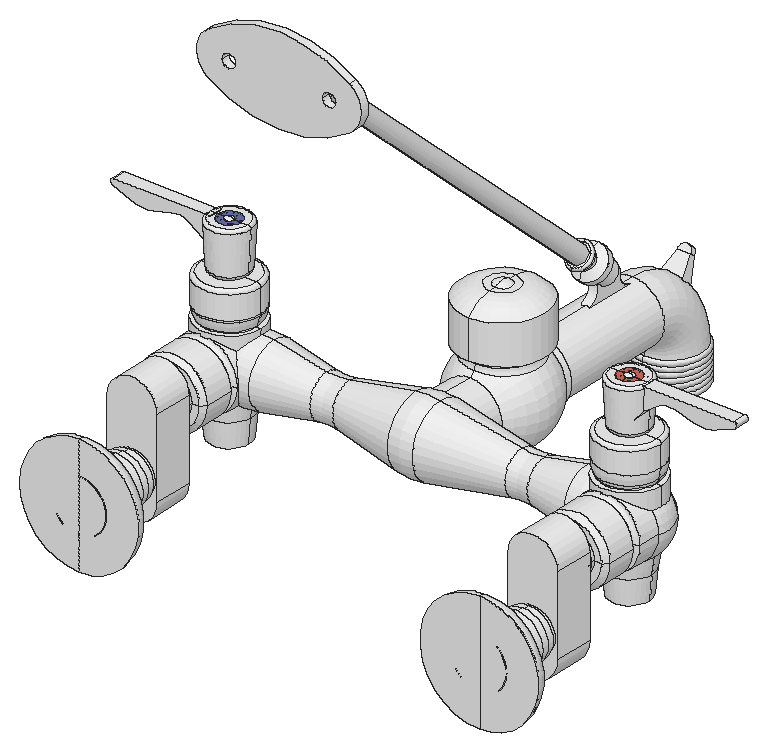
Revit family "Faucet_Utility-Exposed-Wall_Mounted-American_Standard-Yoke-8354112_Series", category Plumbing Fixtures, Revit 2019
Family settings
  Round Connector Dimension = Use Diameter
  Part Type = Normal
  OmniClass Number = 23.45.55.17
  OmniClass Title = Mixing Faucets
  Work Plane-Based = Yes
  Always vertical = Yes
  Cut with Voids When Loaded = No
  Shared = Yes
  Room Calculation Point = No
Parameters (values of type "8354112.002")
  Width = 7 1/4"
  Waste Connection = yes
  WFU = 0
  Vent Connection = no
  URL = "http://www.americanstandard-us.com/"
  Type Comments = ""
  Specification = "Exposed Yoke Wall-Mount Utility Faucet Top brace. 6\" cast brass spout with vacuum breaker. Ceramic disc valves. Integral supply stops. Offset shanks with integral check valves. Vandal-resistant metal lever handles. Bucket hook. 3/4\" threaded hose end. 1/2\" NPT female inlets. Adjustable centers-to-centers: 6\"-10\" (152mm - 254mm)."
  Revised Date = "02/20/2023"  # constant formula
  Product Page URL = "https://www.americanstandard-us.com/Mechanical-Commercial-Fittings/Top-Brace-Wall-Mount-Service-Sink-Faucet-With-6-Inch-Vacuum-Breaker-Spout-and-Offset-Shanks/CHROME-8354112002"
  Product Documentation Link = "https://americanstandard.box.com/shared/static/whxtxbl7bibb05se3zzugc2inycamk3s.pdf"
  Model = "8354112.002"
  Material = "Brass-American Standard-002-Polished Chrome"
  Manufacturer = "American Standard"
  Length = 12 1/2"
  Installation Instruction Link = "https://americanstandard.box.com/shared/static/tocbym87fbm0m9qwc77kupu3ale1i003.pdf"
  Hot Water Connection Diameter = 1/2"
  Height = 2 1/2"
  HWFU = 1.5
  HW Connection = no
  Finish = Brass-American Standard-002-Polished Chrome
  Description = "Top Brace Wall-Mount Service Sink Faucet With 6-Inch Vacuum Breaker Spout and Offset Shanks "  # constant formula
  Default Elevation = 36"
  Cost = 0
  Cold Water Connection Diameter = 1/2"
  CWFU = 1.5
  CW Connection = yes
  Assembly Code = "D2020"
  ADA Compliant = yes
Reference planes (in)
  plane 1: y = 0
  plane 2: z = 0
  plane 3: x = 0
  plane 4: x = -6.25255
  plane 5: x = 6.25255
  plane 6: x = -3.99674
  plane 7: x = 4.00383
  plane 8: z = 39.5
  plane 9: y = 2.28148
  plane 10: y = 3.75
  plane 11: y = 9.75
  plane 12: z = 45.00719
  plane 13: x = -1.00392
  plane 14: x = 1.00392
  plane 15: z = 45.02729
  plane 16: z = 37.18712
  plane 17: z = 34.81288
  plane 18: z = 36
  plane 19: y = 4.48426
  plane 20: through (1.2, 10.18355, 37.45622) normal (0, 0.6362, 0.7715)
Forms (in)
  Revolve 1, solid, material "Brass-American Standard-002-Polished Chrome" <- "Finish"
    sketch origin (0, 4.66152, 37) x (0, -1, 0) y (0, 0, 1)
      loop
        line (0.90836, 0.62531) -> (-0.11366, 0.59355)
        arc (-0.11366, 0.59355) -> (-0.87906, 0.94049) -> (-1.66251, 0.63651) r 1.08453
        line (-1.66251, 0.63651) -> (-1.79833, 0.63651) -> (-1.79833, -0.0278) -> (0.90836, -0.0278) -> (0.90836, 0.62531)
      axis (0.90836, -0.0278) -> (-1.79833, -0.0278)
    angle from 0 to 360
  Revolve 2, solid, material "Brass-American Standard-002-Polished Chrome"
    sketch origin (0, 4.66152, 37) x (0, -1, 0) y (0, 0, 1)
      loop
        line (-0.92167, 0.66521) -> (-0.20922, 0.66521)
        arc (-0.20922, 0.66521) -> (-0.22921, 0.72968) -> (-0.23596, 0.79685) r 0.33733
        line (-0.23596, 0.79685) -> (-0.23596, 0.90895) -> (-0.07061, 0.90895) -> (-0.07061, 1.69482)
        arc (-0.07061, 1.69482) -> (-0.31018, 1.87257) -> (-0.60176, 1.93557) r 0.70628
        line (-0.60176, 1.93557) -> (-0.749, 1.93557)
        arc (-0.749, 1.93557) -> (-0.82908, 1.9822) -> (-0.92167, 1.98598) r 0.19236
        line (-0.92167, 1.98598) -> (-0.92167, 0.66521)
      axis (-0.92167, 0.66521) -> (-0.92167, 1.98598)
    angle from 0 to 360
  Sweep 3, solid, material "Brass-American Standard-002-Polished Chrome" <- "Finish"
    path origin (0, 4.66152, 37) x (0, -1, 0) y (0, 0, 1)
      loop
        arc (-5.08848, -0.92572) -> (-4.81734, -0.27114) -> (-4.16276, 0) r 0.92572
        line (-4.16276, 0) -> (-1.18805, 0)
    profile origin (0, 9.47886, 36.72886) x (0, 0.707107, 0.707107) y (-1, 0, 0)
      loop
        circle (0, 0) r 0.625
  Revolve 4, solid, material "Brass-American Standard-002-Polished Chrome" <- "Finish"
    sketch origin (0.00355, 3.75, 37) x (-1, 0, 0) y (0, 0, 1)
      loop
        line (4.00029, 0.73723) -> (4.00029, -1.40524) -> (4.3937, -1.40524) -> (4.43637, -0.91754)
        arc (4.43637, -0.91754) -> (4.49544, -0.53004) -> (4.60348, -0.15324) r 3.06453
        arc (4.60348, -0.15324) -> (4.6262, -0.06695) -> (4.63385, 0.02195) r 0.52055
        line (4.63385, 0.02195) -> (4.63385, 0.73723) -> (4.00029, 0.73723)
      axis (4.00029, -1.40524) -> (4.00029, 0.73723)
    angle from 0 to 360
  Revolve 5, solid, material "Brass-American Standard-002-Polished Chrome" <- "Finish"
    sketch origin (0.00355, 3.75903, 37) x (-1, 0, 0) y (0, 0, 1)
      loop
        line (4, 0) -> (-4, 0) -> (-4, -0.58446) -> (-3.67072, -0.63074)
        arc (-3.67072, -0.63074) -> (-3.41516, -0.6446) -> (-3.16097, -0.61483) r 1.5
        line (-3.16097, -0.61483) -> (-2.28661, -0.43574)
        arc (-2.28661, -0.43574) -> (-2.05929, -0.41112) -> (-1.83137, -0.42948) r 1.21622
        line (-1.83137, -0.42948) -> (-0.21771, -0.71401)
        arc (-0.21771, -0.71401) -> (0.02968, -0.73394) -> (0.27643, -0.70722) r 1.32015
        line (0.27643, -0.70722) -> (1.60186, -0.43574)
        arc (1.60186, -0.43574) -> (1.83031, -0.4111) -> (2.05931, -0.42987) r 1.21622
        line (2.05931, -0.42987) -> (3.12226, -0.61932)
        arc (3.12226, -0.61932) -> (3.41909, -0.64687) -> (3.71635, -0.62453) r 1.78074
        line (3.71635, -0.62453) -> (4, -0.57963) -> (4, 0)
      axis (4, 0) -> (-4, 0)
    angle from 0 to 360
  Revolve 6, solid, material "Brass-American Standard-002-Polished Chrome" <- "Finish"
    sketch origin (-6.49027, 5.1864, 36.97536) x (0, -1, 0) y (1, 0, 0)
      loop
        line (2.06401, 3.16299) -> (1.63726, 3.18163)
        arc (1.63726, 3.18163) -> (1.31667, 3.19809) -> (1.02048, 3.07431) r 0.72394
        arc (1.02048, 3.07431) -> (0.78556, 2.81115) -> (0.68688, 2.47249) r 0.79886
        line (0.68688, 2.47249) -> (3.07306, 2.47249) -> (3.07306, 2.9464)
        arc (3.07306, 2.9464) -> (3.02808, 2.92214) -> (2.97767, 2.91376) r 0.15574
        line (2.97767, 2.91376) -> (2.90378, 2.91376) -> (2.90378, 3.06262) -> (2.80682, 3.15958) -> (2.2447, 3.15958) -> (2.2447, 3.07041) -> (2.15659, 3.07041)
        arc (2.15659, 3.07041) -> (2.09112, 3.09753) -> (2.06401, 3.16299) r 0.09258
      axis (3.07306, 2.47249) -> (0.68688, 2.47249)
    angle from 0 to 360
  Extrusion 7, solid, material "Brass-American Standard-002-Polished Chrome"
    sketch origin (0.00355, 1.96875, 36.75195) x (1, 0, 0) y (0, 0, -1)
      loop
        line (-4.27682, -2.74805) -> (-4.00029, -2.47151) -> (-4.00029, -2.06614) -> (-4.20713, -2.06614)
        arc (-4.20713, -2.06614) -> (-4.42681, -2.30947) -> (-4.69177, -2.50251) r 1.58784
        arc (-4.69177, -2.50251) -> (-4.85758, -2.55932) -> (-5.03251, -2.54843) r 0.44974
        line (-5.03251, -2.54843) -> (-5.40511, -2.45001)
        arc (-5.40511, -2.45001) -> (-5.63619, -2.42824) -> (-5.86193, -2.48219) r 0.70957
        line (-5.86193, -2.48219) -> (-6.21706, -2.63188)
        arc (-6.21706, -2.63188) -> (-6.25589, -2.69843) -> (-6.19694, -2.74805) r 0.05983
        line (-6.19694, -2.74805) -> (-4.27682, -2.74805)
      loop
        arc (4.11544, -2.6111) -> (4.18786, -2.67563) -> (4.25239, -2.74805) r 0.84304
        line (4.25239, -2.74805) -> (6.18985, -2.74805)
        arc (6.18985, -2.74805) -> (6.2488, -2.69843) -> (6.20996, -2.63188) r 0.05983
        line (6.20996, -2.63188) -> (5.85484, -2.48219)
        arc (5.85484, -2.48219) -> (5.6291, -2.42824) -> (5.39802, -2.45001) r 0.70957
        line (5.39802, -2.45001) -> (5.02542, -2.54843)
        arc (5.02542, -2.54843) -> (4.85048, -2.55932) -> (4.68468, -2.50251) r 0.44974
        arc (4.68468, -2.50251) -> (4.41971, -2.30947) -> (4.20004, -2.06614) r 1.58784
        line (4.20004, -2.06614) -> (4.11544, -2.06614) -> (4.11544, -2.6111)
    from 1.63852 to 1.91179
  Revolve 8, solid, material "Brass-American Standard-002-Polished Chrome"
    sketch origin (0.00355, 3.75, 36.75195) x (-1, 0, 0) y (0, 0, 1)
      loop
        line (4.00029, 2.77139) -> (4.00029, 0.98527) -> (4.53283, 0.98527) -> (4.53283, 1.02458) -> (4.56358, 1.02458)
        arc (4.56358, 1.02458) -> (4.59613, 1.11809) -> (4.61706, 1.21487) r 0.81277
        arc (4.61706, 1.21487) -> (4.61913, 1.23293) -> (4.61982, 1.2511) r 0.23916
        line (4.61982, 1.2511) -> (4.61982, 1.72216)
        arc (4.61982, 1.72216) -> (4.59948, 1.77127) -> (4.55037, 1.79162) r 0.06945
        line (4.55037, 1.79162) -> (4.23867, 1.79162) -> (4.23867, 1.83248) -> (4.31639, 1.83248)
        arc (4.31639, 1.83248) -> (4.36007, 1.84991) -> (4.37975, 1.89261) r 0.06344
        line (4.37975, 1.89261) -> (4.42156, 2.69036)
        arc (4.42156, 2.69036) -> (4.40738, 2.73088) -> (4.36804, 2.74805) r 0.05367
        line (4.36804, 2.74805) -> (4.22514, 2.74805)
        arc (4.22514, 2.74805) -> (4.16071, 2.73624) -> (4.09536, 2.74064) r 0.26435
        arc (4.09536, 2.74064) -> (4.05062, 2.76465) -> (4.00029, 2.77139) r 0.14205
      axis (4.00029, 0.98527) -> (4.00029, 2.77139)
    angle from 0 to 360
  Revolve 9, solid, material "Brass-American Standard-002-Polished Chrome"
    sketch origin (0, 13.48418, 37.0264) x (0, 1, 0) y (0, 0, -1)
      loop
        line (-3.73418, 1.66027) -> (-4.35918, 1.66027)
        arc (-4.35918, 1.66027) -> (-4.40974, 1.60972) -> (-4.35918, 1.55916) r 0.05056
        arc (-4.35918, 1.55916) -> (-4.40974, 1.5086) -> (-4.35918, 1.45805) r 0.05056
        arc (-4.35918, 1.45805) -> (-4.40974, 1.40749) -> (-4.35918, 1.35693) r 0.05056
        arc (-4.35918, 1.35693) -> (-4.40974, 1.30638) -> (-4.35918, 1.25582) r 0.05056
        arc (-4.35918, 1.25582) -> (-4.40974, 1.20526) -> (-4.35918, 1.15471) r 0.05056
        arc (-4.35918, 1.15471) -> (-4.40974, 1.10415) -> (-4.35918, 1.05359) r 0.05056
        arc (-4.35918, 1.05359) -> (-4.40974, 1.00304) -> (-4.35918, 0.95248) r 0.05056
        line (-4.35918, 0.95248) -> (-3.73418, 0.95248) -> (-3.73418, 1.66027)
      axis (-3.73418, 0.95248) -> (-3.73418, 1.66027)
    angle from 0 to 360
  Revolve 10, solid, material "Brass-American Standard-002-Polished Chrome" <- "Finish"
    sketch origin (-0.00355, 3.75, 37) x (1, 0, 0) y (0, 0, -1)
      loop
        line (4.00029, -0.73723) -> (4.63385, -0.73723) -> (4.63385, -0.25289)
        arc (4.63385, -0.25289) -> (4.61692, -0.01335) -> (4.56647, 0.22141) r 1.70298
        arc (4.56647, 0.22141) -> (4.48444, 0.5663) -> (4.43637, 0.91754) r 3.63781
        line (4.43637, 0.91754) -> (4.3937, 1.40524) -> (4.00029, 1.40524) -> (4.00029, -0.73723)
      axis (4.00029, 1.40524) -> (4.00029, -0.73723)
    angle from 0 to 360
  Revolve 11, solid, material "Brass-American Standard-002-Polished Chrome"
    sketch origin (-0.00355, 3.75, 36.75195) x (1, 0, 0) y (0, 0, -1)
      loop
        arc (4.00029, -2.77165) -> (4.05062, -2.76491) -> (4.09536, -2.7409) r 0.14205
        arc (4.09536, -2.7409) -> (4.16071, -2.7365) -> (4.22514, -2.74831) r 0.26435
        line (4.22514, -2.74831) -> (4.36804, -2.74831)
        arc (4.36804, -2.74831) -> (4.40697, -2.73158) -> (4.42164, -2.69183) r 0.05367
        line (4.42164, -2.69183) -> (4.37975, -1.89261)
        arc (4.37975, -1.89261) -> (4.36007, -1.84991) -> (4.31639, -1.83248) r 0.06344
        line (4.31639, -1.83248) -> (4.23867, -1.83248) -> (4.23867, -1.79162) -> (4.55037, -1.79162)
        arc (4.55037, -1.79162) -> (4.59948, -1.77127) -> (4.61982, -1.72216) r 0.06945
        line (4.61982, -1.72216) -> (4.61982, -1.29584)
        arc (4.61982, -1.29584) -> (4.61165, -1.19108) -> (4.58732, -1.08886) r 0.67524
        arc (4.58732, -1.08886) -> (4.57613, -1.05647) -> (4.56358, -1.02458) r 0.81277
        line (4.56358, -1.02458) -> (4.53283, -1.02458) -> (4.53283, -0.98527) -> (4.00029, -0.98527) -> (4.00029, -2.77165)
      axis (4.00029, -0.98527) -> (4.00029, -2.77165)
    angle from 0 to 360
  Blend 12, solid, material "Brass-American Standard-002-Polished Chrome" <- "Finish"
    base sketch origin (0, 4.56609, 41.27928) x (1, 0, 0) y (0, 0.771518, -0.636208)
      loop
        line (-0.25942, 6.8798) -> (-0.25942, 6.56403) -> (0.27925, 6.56403) -> (0.27925, 6.8798) -> (-0.25942, 6.8798)
    top sketch origin (0, 4.56609, 41.27928) x (1, 0, 0) y (0, 0.771518, -0.636208)
      loop
        line (-0.13783, 6.76623) -> (-0.13783, 6.67017) -> (0.14137, 6.67017) -> (0.14137, 6.76623) -> (-0.13783, 6.76623)
    from 0 to 0.62431
  Revolve 13, solid, material "Brass-American Standard-002-Polished Chrome"
    sketch origin (-3.99674, 3.21788, 36) x (0, -1, 0) y (0, 0, 1)
      loop
        line (3.21788, 0) -> (3.21788, 1.18712)
        arc (3.21788, 1.18712) -> (3.08195, 1.1597) -> (2.96877, 1.07958) r 0.33496
        arc (2.96877, 1.07958) -> (2.83501, 0.87108) -> (2.78124, 0.62928) r 0.70809
        line (2.78124, 0.62928) -> (2.78124, 0) -> (3.21788, 0)
      axis (3.21788, 0) -> (2.78124, 0)
    angle from 0 to 360
  Revolve 14, solid, material "Brass-American Standard-002-Polished Chrome"
    sketch origin (-3.99674, 8.1975, 37) x (0, 1, 0) y (0, 0, -1)
      loop
        line (-6.95661, 0.52609) -> (-6.95661, 0.55726) -> (-6.86723, 0.55726) -> (-6.86723, 1) -> (-8.1975, 1) -> (-8.1975, 0.46238) -> (-7.28968, 0.46238) -> (-7.28968, 0.49336) -> (-7.11986, 0.49336) -> (-7.11986, 0.52609) -> (-6.95661, 0.52609)
      axis (-6.86723, 1) -> (-8.1975, 1)
    angle from 0 to 360
  Revolve 15, solid, material "Brass-American Standard-002-Polished Chrome" <- "Finish"
    sketch origin (6.49027, 5.1864, 36.97536) x (0, -1, 0) y (1, 0, 0)
      loop
        arc (2.06401, -3.16299) -> (2.09112, -3.09753) -> (2.15659, -3.07041) r 0.09258
        line (2.15659, -3.07041) -> (2.2447, -3.07041) -> (2.2447, -3.15958) -> (2.80682, -3.15958) -> (2.90378, -3.06262) -> (2.90378, -2.91376) -> (2.97767, -2.91376)
        arc (2.97767, -2.91376) -> (3.02808, -2.92214) -> (3.07306, -2.9464) r 0.15574
        line (3.07306, -2.9464) -> (3.07306, -2.47249) -> (0.68688, -2.47249)
        arc (0.68688, -2.47249) -> (0.78556, -2.81115) -> (1.02048, -3.07431) r 0.79886
        arc (1.02048, -3.07431) -> (1.31667, -3.19809) -> (1.63726, -3.18163) r 0.72394
        line (1.63726, -3.18163) -> (2.06401, -3.16299)
      axis (3.07306, -2.47249) -> (0.68688, -2.47249)
    angle from 0 to 360
  Revolve 16, solid, material "Brass-American Standard-002-Polished Chrome"
    sketch origin (3.99674, 3.21788, 36) x (0, -1, 0) y (0, 0, -1)
      loop
        line (3.21788, 0) -> (2.78124, 0) -> (2.78124, -0.62928)
        arc (2.78124, -0.62928) -> (2.83501, -0.87108) -> (2.96877, -1.07958) r 0.70809
        arc (2.96877, -1.07958) -> (3.08195, -1.1597) -> (3.21788, -1.18712) r 0.33496
        line (3.21788, -1.18712) -> (3.21788, 0)
      axis (3.21788, 0) -> (2.78124, 0)
    angle from 0 to 360
  Revolve 17, solid, material "Brass-American Standard-002-Polished Chrome"
    sketch origin (3.99674, 8.1975, 37) x (0, 1, 0) y (0, 0, 1)
      loop
        line (-6.95661, -0.52609) -> (-7.11986, -0.52609) -> (-7.11986, -0.49336) -> (-7.28968, -0.49336) -> (-7.28968, -0.46238) -> (-8.1975, -0.46238) -> (-8.1975, -1) -> (-6.86723, -1) -> (-6.86723, -0.55726) -> (-6.95661, -0.55726) -> (-6.95661, -0.52609)
      axis (-6.86723, -1) -> (-8.1975, -1)
    angle from 0 to 360
  Extrusion 18, solid, material "Brass-American Standard-002-Polished Chrome"
    sketch origin (1.84924, 7.43437, 37) x (1, 0, 0) y (0, 0, 1)
      loop
        arc (2.65459, 0.21497) -> (2.15459, 0.71497) -> (1.65459, 0.21497) r 0.5
        line (1.65459, 0.21497) -> (1.65459, -1.36245)
        arc (1.65459, -1.36245) -> (2.15459, -1.86245) -> (2.65459, -1.36245) r 0.5
        line (2.65459, -1.36245) -> (2.65459, 0.21497)
    from 5.32103 to 6.1041
  Extrusion 19, solid, material "Brass-American Standard-002-Polished Chrome"
    sketch origin (-1.84924, 7.43437, 37) x (-1, 0, 0) y (0, 0, -1)
      loop
        line (2.65459, -0.21497) -> (2.65459, 1.36245)
        arc (2.65459, 1.36245) -> (2.15459, 1.86245) -> (1.65459, 1.36245) r 0.5
        line (1.65459, 1.36245) -> (1.65459, -0.21497)
        arc (1.65459, -0.21497) -> (2.15459, -0.71497) -> (2.65459, -0.21497) r 0.5
    from 5.32103 to 6.1041
  Revolve 20, solid, material "Brass-American Standard-002-Polished Chrome"
    sketch origin (0, 4.58087, 36.37865) x (0, 0, -1) y (0, 1, 0)
      loop
        line (-2.37522, 3.00323) -> (-8.20787, -3.39964) -> (-8.25547, -3.35629)
        arc (-8.25547, -3.35629) -> (-8.3014, -3.35843) -> (-8.29926, -3.40436) r 0.03251
        line (-8.29926, -3.40436) -> (-8.28478, -3.44209) -> (-8.34785, -3.51132) -> (-8.35094, -3.5467) -> (-8.40413, -3.5999) -> (-8.59056, -3.56027) -> (-8.67804, -3.64774) -> (-8.62437, -3.70141) -> (-8.79862, -3.8927)
        arc (-8.79862, -3.8927) -> (-8.84307, -3.98417) -> (-8.83081, -4.08512) r 0.1799
        arc (-8.83081, -4.08512) -> (-8.78473, -4.16367) -> (-8.72086, -4.22859) r 0.37028
        line (-8.72086, -4.22859) -> (-1.52211, 3.67394)
        arc (-1.52211, 3.67394) -> (-1.60237, 3.72287) -> (-1.69635, 3.7253) r 0.18224
        line (-1.69635, 3.7253) -> (-1.73475, 3.70313)
        arc (-1.73475, 3.70313) -> (-1.7771, 3.70663) -> (-1.81955, 3.70463) r 0.32841
        line (-1.81955, 3.70463) -> (-2.08385, 3.41449) -> (-2.15603, 3.48668) -> (-2.24414, 3.38995) -> (-2.18143, 3.20782) -> (-2.23412, 3.15513) -> (-2.26947, 3.14566) -> (-2.32451, 3.08524) -> (-2.3767, 3.08524)
        arc (-2.3767, 3.08524) -> (-2.42156, 3.07735) -> (-2.40639, 3.0344) r 0.02984
        line (-2.40639, 3.0344) -> (-2.37522, 3.00323)
      axis (-1.52211, 3.67394) -> (-8.72086, -4.22859)
    angle from 0 to 360
  Extrusion 21, solid, material "Brass-American Standard-002-Polished Chrome" <- "Finish"
    sketch origin (-3.98774, 4.58087, 36.37865) x (0, 0, -1) y (0, 1, 0)
      loop
        arc (-1.23621, 4.06323) -> (-1.3375, 3.86471) -> (-1.54981, 3.79691) r 0.28964
        arc (-1.54981, 3.79691) -> (-1.83812, 3.52955) -> (-1.5443, 3.26827) r 0.26556
        arc (-1.5443, 3.26827) -> (-1.35319, 3.22145) -> (-1.23621, 3.06323) r 0.28935
        line (-1.23621, 3.06323) -> (-1.23621, 4.06323)
    from 3.89925 to 4.0775
  Extrusion 22, solid, material "Brass-American Standard-002-Polished Chrome"
    sketch origin (-5.78035, 0, 35.85969) x (1, 0, 0) y (0, 0, 1)
      loop
        circle (4.77644, 9.14751) r 0.13678
      loop
        circle (6.78427, 9.14751) r 0.13678
      loop
        arc (7.19064, 9.58828) -> (5.78035, 10.02127) -> (4.37007, 9.58828) r 2.51317
        arc (4.37007, 9.58828) -> (4.13637, 9.1676) -> (4.33644, 8.72994) r 0.53347
        arc (4.33644, 8.72994) -> (5.75993, 8.27382) -> (7.19064, 8.70674) r 2.51317
        arc (7.19064, 8.70674) -> (7.42433, 9.14751) -> (7.19064, 9.58828) r 0.53252
    from -0.15652 to 0
  Extrusion 23, solid, material "Brass-American Standard-002-Polished Chrome"
    sketch origin (-3.98774, 4.58087, 36.39984) x (0, 0, -1) y (0, 1, 0)
      loop
        line (-8.89263, -4.42434) -> (-8.36228, -4.42434)
        arc (-8.36228, -4.42434) -> (-8.3998, -4.4088) -> (-8.41534, -4.37128) r 0.05306
        line (-8.41534, -4.37128) -> (-8.41534, -4.10937)
        arc (-8.41534, -4.10937) -> (-8.62746, -3.89725) -> (-8.83957, -4.10937) r 0.21211
        line (-8.83957, -4.10937) -> (-8.83957, -4.37128)
        arc (-8.83957, -4.37128) -> (-8.85511, -4.4088) -> (-8.89263, -4.42434) r 0.05306
      loop
        circle (-8.62746, -4.10937) r 0.07421
    from 3.83392 to 4.15621
  Revolve 24, solid, material "Plastic-American Standard-Red-Matte"
    sketch origin (0.00393, 3.74917, 36.75195) x (1, 0, 0) y (0, 0, -1)
      loop
        arc (4.21804, -2.74831) -> (4.10562, -2.72721) -> (3.99319, -2.74831) r 0.31006
        arc (3.99319, -2.74831) -> (4.10562, -2.74399) -> (4.21804, -2.74831) r 1.46704
      axis (3.99319, -2.74831) -> (3.99319, -2.78768)
    angle from 0 to 360
  Revolve 25, solid, material "Plastic-American Standard-Blue-Matte"
    sketch origin (-0.00393, 3.74917, 36.75195) x (-1, 0, 0) y (0, 0, 1)
      loop
        arc (4.21804, 2.74831) -> (4.10562, 2.74399) -> (3.99319, 2.74831) r 1.46704
        arc (3.99319, 2.74831) -> (4.10562, 2.72721) -> (4.21804, 2.74831) r 0.31006
      axis (3.99319, 2.74831) -> (3.99319, 2.78768)
    angle from 0 to 360
  Extrusion 26, solid, material "Brass-American Standard-002-Polished Chrome" <- "Finish"
    sketch origin (1.2, 10.07493, 37.55457) x (0, -0.636208, -0.771518) y (-1, 0, 0)
      loop
        line (0.00677, 1.0588) -> (0.00677, 1.33767)
        arc (0.00677, 1.33767) -> (-0.13267, 1.19823) -> (0.00677, 1.0588) r 0.13944
    from 0.05019 to 0.14651
Cuts and joins
  joined: Blend 12, Extrusion 26
Lines and regions (in)
  Masking region 1
    outline origin (0, 0.5, 0) x (1, 0, 0) y (0, 1, 0)
      loop
        arc (-2.80962, -0.5) -> (-2.86986, -0.31041) -> (-3.01444, -0.17375) r 0.39745
        arc (-3.01444, -0.17375) -> (-3.18252, -0.0916) -> (-3.36746, -0.06336) r 0.61968
        line (-3.36746, -0.06336) -> (-3.45912, -0.06336) -> (-3.45912, 0.40782) -> (-3.49009, 0.40782) -> (-3.49009, 0.57764) -> (-3.52283, 0.57764) -> (-3.52283, 0.74088) -> (-3.554, 0.74088) -> (-3.554, 0.83027) -> (-3.5012, 0.83027) -> (-3.5012, 1.61225)
        arc (-3.5012, 1.61225) -> (-3.52397, 1.65296) -> (-3.53465, 1.69836) r 0.16766
        line (-3.53465, 1.69836) -> (-3.53465, 1.78262) -> (-3.42753, 1.78262) -> (-3.33057, 1.87958) -> (-3.33057, 2.4417) -> (-3.41975, 2.4417) -> (-3.41975, 2.54606)
        arc (-3.41975, 2.54606) -> (-3.39879, 2.58842) -> (-3.36026, 2.61582) r 0.0968
        arc (-3.36026, 2.61582) -> (-3.29987, 2.6162) -> (-3.24002, 2.62422) r 0.47577
        arc (-3.24002, 2.62422) -> (-2.62538, 2.72588) -> (-2.01205, 2.83514) r 50.34595
        arc (-2.01205, 2.83514) -> (-1.8388, 2.84716) -> (-1.66555, 2.83514) r 1.25377
        arc (-1.66555, 2.83514) -> (-0.92233, 2.68533) -> (-0.17967, 2.5328) r 206.04554
        line (-0.17967, 2.5328) -> (-0.17967, 0.68618)
        arc (-0.17967, 0.68618) -> (-0.27083, 0.58586) -> (-0.24883, 0.4521) r 0.15573
        arc (-0.24883, 0.4521) -> (-0.32105, 0.38517) -> (-0.35404, 0.29241) r 0.20638
        line (-0.35404, 0.29241) -> (-0.35896, 0.1984)
        arc (-0.35896, 0.1984) -> (-0.34144, 0.11093) -> (-0.28413, 0.04257) r 0.18027
        line (-0.28413, 0.04257) -> (-0.28413, -0.07936)
        arc (-0.28413, -0.07936) -> (-0.24136, -0.17336) -> (-0.15382, -0.22816) r 0.17922
        line (-0.15382, -0.22816) -> (-0.15382, -0.34348) -> (-1.64439, -0.34348) -> (-1.64439, -0.5) -> (1.64398, -0.5) -> (1.64398, -0.34348) -> (0.16847, -0.34348) -> (0.16847, -0.22332)
        arc (0.16847, -0.22332) -> (0.24603, -0.1673) -> (0.28371, -0.07936) r 0.17922
        line (0.28371, -0.07936) -> (0.28371, 0.04257)
        arc (0.28371, 0.04257) -> (0.34103, 0.11093) -> (0.35855, 0.1984) r 0.18027
        line (0.35855, 0.1984) -> (0.35362, 0.29241)
        arc (0.35362, 0.29241) -> (0.32063, 0.38517) -> (0.24842, 0.4521) r 0.20638
        arc (0.24842, 0.4521) -> (0.27042, 0.58586) -> (0.17926, 0.68618) r 0.15573
        line (0.17926, 0.68618) -> (0.17926, 2.53761) -> (1.76005, 2.81635)
        arc (1.76005, 2.81635) -> (2.04933, 2.84723) -> (2.33861, 2.81635) r 1.37043
        line (2.33861, 2.81635) -> (3.07105, 2.66296)
        arc (3.07105, 2.66296) -> (3.19824, 2.63721) -> (3.32716, 2.62239) r 1.52263
        arc (3.32716, 2.62239) -> (3.38671, 2.6003) -> (3.41975, 2.54606) r 0.0968
        line (3.41975, 2.54606) -> (3.41975, 2.4417) -> (3.33057, 2.4417) -> (3.33057, 1.87958) -> (3.42753, 1.78262) -> (3.53465, 1.78262) -> (3.53465, 1.69836)
        arc (3.53465, 1.69836) -> (3.52397, 1.65296) -> (3.5012, 1.61225) r 0.16766
        line (3.5012, 1.61225) -> (3.5012, 0.83027) -> (3.554, 0.83027) -> (3.554, 0.74088) -> (3.52283, 0.74088) -> (3.52283, 0.57764) -> (3.49009, 0.57764) -> (3.49009, 0.40782) -> (3.45912, 0.40782) -> (3.45912, -0.06336) -> (3.36746, -0.06336)
        arc (3.36746, -0.06336) -> (3.18252, -0.0916) -> (3.01444, -0.17375) r 0.61968
        arc (3.01444, -0.17375) -> (2.86986, -0.31041) -> (2.80962, -0.5) r 0.39745
        line (2.80962, -0.5) -> (5.18386, -0.5)
        arc (5.18386, -0.5) -> (5.12361, -0.31041) -> (4.97904, -0.17375) r 0.39745
        arc (4.97904, -0.17375) -> (4.81096, -0.0916) -> (4.62602, -0.06336) r 0.61968
        line (4.62602, -0.06336) -> (4.53436, -0.06336) -> (4.53436, 0.40782) -> (4.50338, 0.40782) -> (4.50338, 0.57764) -> (4.47065, 0.57764) -> (4.47065, 0.74088) -> (4.43948, 0.74088) -> (4.43948, 0.83027) -> (4.5012, 0.83027) -> (4.5012, 1.61334)
        arc (4.5012, 1.61334) -> (4.47017, 1.65091) -> (4.45905, 1.69836) r 0.10684
        line (4.45905, 1.69836) -> (4.45905, 1.78262) -> (4.60791, 1.78262) -> (4.70487, 1.87958) -> (4.70487, 2.4417) -> (4.6157, 2.4417) -> (4.6157, 2.54606)
        arc (4.6157, 2.54606) -> (4.64874, 2.6003) -> (4.70829, 2.62239) r 0.0968
        line (4.70829, 2.62239) -> (4.72692, 3.04914) -> (4.74034, 3.10727) -> (6.25322, 3.10727) -> (6.25322, 3.38054) -> (4.74102, 3.38054)
        arc (4.74102, 3.38054) -> (4.32806, 3.93066) -> (3.64119, 3.8934) r 0.73009
        arc (3.64119, 3.8934) -> (3.40189, 3.90337) -> (3.16412, 3.87454) r 1.47751
        line (3.16412, 3.87454) -> (2.32042, 3.70193)
        arc (2.32042, 3.70193) -> (2.04732, 3.67209) -> (1.77422, 3.70193) r 1.26452
        line (1.77422, 3.70193) -> (0.63331, 3.9031) -> (0.62135, 4.27518)
        arc (0.62135, 4.27518) -> (0.9677, 5.06721) -> (0.62544, 5.86102) r 1.08519
        line (0.62544, 5.86102) -> (0.62544, 8.99923)
        arc (0.62544, 8.99923) -> (-0.00161, 9.92785) -> (-0.62544, 8.99707) r 0.67523
        line (-0.62544, 8.99707) -> (-0.62544, 5.86102)
        arc (-0.62544, 5.86102) -> (-0.9677, 5.06721) -> (-0.62135, 4.27518) r 1.08519
        line (-0.62135, 4.27518) -> (-0.63362, 3.89359)
        arc (-0.63362, 3.89359) -> (-1.14087, 3.7911) -> (-1.64758, 3.68599) r 100.31555
        arc (-1.64758, 3.68599) -> (-1.84231, 3.67131) -> (-2.03704, 3.68599) r 1.29885
        arc (-2.03704, 3.68599) -> (-2.62326, 3.80062) -> (-3.21333, 3.8934) r 16.07828
        arc (-3.21333, 3.8934) -> (-3.42726, 3.90812) -> (-3.64119, 3.8934) r 1.56213
        arc (-3.64119, 3.8934) -> (-4.32806, 3.93066) -> (-4.74102, 3.38054) r 0.73009
        line (-4.74102, 3.38054) -> (-6.25322, 3.38054) -> (-6.25322, 3.10727) -> (-4.74034, 3.10727) -> (-4.72692, 3.04914) -> (-4.70829, 2.62239)
        arc (-4.70829, 2.62239) -> (-4.64874, 2.6003) -> (-4.6157, 2.54606) r 0.0968
        line (-4.6157, 2.54606) -> (-4.6157, 2.4417) -> (-4.70487, 2.4417) -> (-4.70487, 1.87958) -> (-4.60791, 1.78262) -> (-4.45905, 1.78262) -> (-4.45905, 1.69836)
        arc (-4.45905, 1.69836) -> (-4.47091, 1.64945) -> (-4.50385, 1.61139) r 0.10684
        line (-4.50385, 1.61139) -> (-4.50385, 0.83027) -> (-4.43948, 0.83027) -> (-4.43948, 0.74088) -> (-4.47065, 0.74088) -> (-4.47065, 0.57764) -> (-4.50338, 0.57764) -> (-4.50338, 0.40782) -> (-4.53436, 0.40782) -> (-4.53436, -0.06336) -> (-4.62602, -0.06336)
        arc (-4.62602, -0.06336) -> (-4.81096, -0.0916) -> (-4.97904, -0.17375) r 0.61968
        arc (-4.97904, -0.17375) -> (-5.12361, -0.31041) -> (-5.18386, -0.5) r 0.39745
        line (-5.18386, -0.5) -> (-2.80962, -0.5)
  symbolic lines, detail levels medium+fine
    curve 1: line (-4.70487, 2.37958, 0) -> (-3.33069, 2.37958, 0)
    curve 2: line (-3.53465, 2.28262, 0) -> (-4.45905, 2.28262, 0)
    curve 3: line (-3.33069, 2.9417, 0) -> (-4.70487, 2.9417, 0)
    curve 4: line (-4.70829, 3.12239, 0) -> (-3.32727, 3.12239, 0)
    curve 5: line (-4.74053, 3.60727, 0) -> (-4.21895, 3.60727, 0)
    curve 6: line (-4.21895, 3.88054, 0) -> (-4.74104, 3.88054, 0)
    curve 7: arc (-4.39236, 3.88054, 0) -> (-3.58019, 3.75645, 0) -> (-4.38812, 3.60727, 0) r 0.4166
    curve 8: arc (-4.61671, 3.88054, 0) -> (-3.36321, 3.75624, 0) -> (-4.61401, 3.60727, 0) r 0.63356
    curve 14: line (4.70487, 2.37958, 0) -> (3.33069, 2.37958, 0)
    curve 15: line (3.53465, 2.28262, 0) -> (4.45905, 2.28262, 0)
    curve 16: line (3.33069, 2.9417, 0) -> (4.70487, 2.9417, 0)
    curve 17: line (4.70829, 3.12239, 0) -> (3.32727, 3.12239, 0)
    curve 18: line (4.74053, 3.60727, 0) -> (4.21895, 3.60727, 0)
    curve 19: line (4.21895, 3.88054, 0) -> (4.74104, 3.88054, 0)
    curve 20: arc (4.39236, 3.88054, 0) -> (3.58019, 3.75645, 0) -> (4.38812, 3.60727, 0) r 0.4166
    curve 21: arc (4.61671, 3.88054, 0) -> (3.36321, 3.75624, 0) -> (4.61401, 3.60727, 0) r 0.63356
    curve 26: line (-0.13783, 10.10944, 0) -> (0.14137, 10.10944, 0)
    curve 27: line (0.24057, 9.76474, 0) -> (0.14137, 10.10944, 0)
    curve 28: line (-0.22402, 9.76984, 0) -> (-0.13783, 10.10944, 0)
    curve 29: line (-0.13783, 10.18355, 0) -> (-0.13783, 10.10944, 0)
    curve 30: line (0.14137, 10.18355, 0) -> (-0.13783, 10.18355, 0)
    curve 31: line (0.14137, 10.10944, 0) -> (0.14137, 10.18355, 0)
    curve 32: line (0.14137, 10.18355, 0) -> (0.24516, 9.95051, 0)
    curve 33: line (-0.22793, 9.95415, 0) -> (-0.13783, 10.18355, 0)
    curve 34: arc (-0.625, 9.75, 0) -> (-0.23918, 10.32742, 0) -> (0.44194, 10.19194, 0) r 0.625
    curve 35: arc (0.44194, 10.19194, 0) -> (0.57742, 9.98918, 0) -> (0.625, 9.75, 0) r 0.625
    curve 43: line (-0.625, 9.75, 0) -> (-0.625, 9.47355, 0)
    curve 44: line (0.625, 9.75, 0) -> (0.625, 9.5, 0)
    curve 45: line (-3.554, 1.33027, 0) -> (-4.43948, 1.33027, 0)
    curve 46: line (-4.50338, 0.90782, 0) -> (-3.49009, 0.90782, 0)
    curve 50: line (3.554, 1.33027, 0) -> (4.43948, 1.33027, 0)
    curve 51: line (4.50338, 0.90782, 0) -> (3.49009, 0.90782, 0)
    curve 54: line (-4.53436, 0.43664, 0) -> (-3.45912, 0.43664, 0)
    curve 55: line (3.45912, 0.43664, 0) -> (4.53436, 0.43664, 0)
    curve 56: line (0.17861, 3.0375, 0) -> (0.17861, 7.35075, 0)
    curve 57: arc (0.17861, 4.75108, 0) -> (0.85105, 5.58319, 0) -> (0.17861, 6.41529, 0) r 0.85105
    curve 58: arc (-0.17967, 6.41506, 0) -> (-0.85105, 5.58319, 0) -> (-0.17967, 4.75131, 0) r 0.85105
    curve 59: arc (0.17861, 7.35075, 0) -> (0.25975, 7.4494, 0) -> (0.23684, 7.57506, 0) r 0.15177
    curve 60: arc (0.34302, 7.73876, 0) -> (0.31079, 7.64338, 0) -> (0.23684, 7.57506, 0) r 0.20381
    curve 61: line (0.34302, 7.73876, 0) -> (0.34302, 7.84062, 0)
    curve 62: arc (0.34302, 7.84062, 0) -> (0.31325, 7.9345, 0) -> (0.24072, 8.00113, 0) r 0.19127
    curve 63: line (0.24072, 8.00113, 0) -> (0.24072, 8.12581, 0)
    curve 64: arc (0.24072, 8.12581, 0) -> (0.20786, 8.20715, 0) -> (0.13568, 8.257, 0) r 0.15277
    curve 65: arc (0.13568, 8.257, 0) -> (0.11442, 8.27569, 0) -> (0.08976, 8.28959, 0) r 0.1363
    curve 66: line (0.08976, 8.28959, 0) -> (0.08976, 8.63934, 0)
    curve 67: line (-0.08976, 8.63934, 0) -> (0.08976, 8.63934, 0)
    curve 68: arc (-0.17967, 7.35127, 0) -> (-0.2599, 7.44997, 0) -> (-0.23684, 7.57506, 0) r 0.15177
    curve 69: arc (-0.34302, 7.73876, 0) -> (-0.31079, 7.64338, 0) -> (-0.23684, 7.57506, 0) r 0.20381
    curve 70: line (-0.34302, 7.73876, 0) -> (-0.34302, 7.84062, 0)
    curve 71: arc (-0.34302, 7.84062, 0) -> (-0.31325, 7.9345, 0) -> (-0.24072, 8.00113, 0) r 0.19127
    curve 72: line (-0.24072, 8.00113, 0) -> (-0.24072, 8.12581, 0)
    curve 73: arc (-0.24072, 8.12581, 0) -> (-0.20786, 8.20715, 0) -> (-0.13568, 8.257, 0) r 0.15277
    curve 74: arc (-0.13568, 8.257, 0) -> (-0.11442, 8.27569, 0) -> (-0.08976, 8.28959, 0) r 0.1363
    curve 75: line (-0.08976, 8.28959, 0) -> (-0.08976, 8.63934, 0)
    curve 76: line (0.17861, 7.35075, 0) -> (0.17861, 7.47148, 0)
    curve 87: line (-0.17967, 3.0328, 0) -> (-0.17967, 7.35127, 0)
    curve 88: spline (0.17861, 7.47148, 0) -> (0.1698, 7.50171, 0) -> (0.14988, 7.52945, 0) -> (0.12018, 7.55289, 0) -> (0.08262, 7.57049, 0) -> (0.03966, 7.5811, 0) -> (-0.00589, 7.58403, 0) -> (-0.05105, 7.57909, 0) -> (-0.09288, 7.5666, 0) -> (-0.12864, 7.54738, 0) -> (-0.15599, 7.52268, 0) -> (-0.17315, 7.49411, 0) -> (-0.179, 7.46355, 0)
    curve 89: line (-0.17967, 7.35127, 0) -> (-0.17967, 7.46355, 0)
    curve 90: spline (0.28366, 0.69103, 0) -> (0.27316, 0.73996, 0) -> (0.24437, 0.78544, 0) -> (0.19922, 0.82442, 0) -> (0.14072, 0.85429, 0) -> (0.0728, 0.87306, 0) -> (0, 0.87946, 0) -> (-0.0728, 0.87306, 0) -> (-0.14072, 0.85429, 0) -> (-0.19922, 0.82442, 0) -> (-0.24437, 0.78544, 0) -> (-0.27316, 0.73996, 0) -> (-0.28366, 0.69103, 0)
    curve 91: spline (0.28089, 0.4608, 0) -> (0.26357, 0.5047, 0) -> (0.23136, 0.5446, 0) -> (0.18606, 0.57825, 0) -> (0.13026, 0.60375, 0) -> (0.06709, 0.61966, 0) -> (0.00012, 0.62508, 0) -> (-0.06685, 0.6197, 0) -> (-0.13004, 0.60383, 0) -> (-0.18588, 0.57836, 0) -> (-0.23121, 0.54473, 0) -> (-0.26348, 0.50485, 0) -> (-0.28085, 0.46096, 0)
    curve 92: line (-0.28366, 0.69103, 0) -> (-0.28366, 0.54339, 0)
    curve 93: line (0.28366, 0.69103, 0) -> (0.28366, 0.52767, 0)
  symbolic lines, detail levels fine
    curve 9: line (-3.32727, 3.12239, 0) -> (-3.24972, 3.12239, 0)
    curve 10: arc (-3.5265, 3.32541, 0) -> (-3.437, 3.2191, 0) -> (-3.33719, 3.12239, 0) r 1.3714
    curve 11: arc (-3.63763, 4.39449, 0) -> (-3.65427, 4.3386, 0) -> (-3.65026, 4.28043, 0) r 0.16369
    curve 12: circle (-3.99674, 3.75, 0) r 0.0897 normal (0, 0, -1)
    curve 13: line (-4.5012, 2.11334, 0) -> (-3.5012, 2.11334, 0)
    curve 22: line (3.32727, 3.12239, 0) -> (3.24972, 3.12239, 0)
    curve 23: arc (3.5265, 3.32541, 0) -> (3.437, 3.2191, 0) -> (3.33719, 3.12239, 0) r 1.3714
    curve 24: arc (3.63763, 4.39449, 0) -> (3.65427, 4.3386, 0) -> (3.65026, 4.28043, 0) r 0.16369
    curve 25: circle (3.99674, 3.75, 0) r 0.0897 normal (0, 0, 1)
    curve 36: line (-0.62135, 4.77518, 0) -> (-0.26724, 4.77518, 0)
    curve 37: line (0.26724, 4.77518, 0) -> (0.62135, 4.77518, 0)
    curve 38: line (-0.62544, 6.36102, 0) -> (-0.34536, 6.36102, 0)
    curve 39: line (0.62544, 6.36102, 0) -> (0.34536, 6.36102, 0)
    curve 40: spline (-0.22402, 9.76984, 0) -> (-0.1866, 9.77986, 0) -> (-0.1484, 9.78803, 0) -> (-0.10959, 9.79432, 0) -> (-0.07032, 9.79871, 0) -> (-0.03076, 9.80118, 0) -> (0.00893, 9.80172, 0) -> (0.04858, 9.80032, 0) -> (0.08803, 9.79699, 0) -> (0.12711, 9.79174, 0) -> (0.16567, 9.78461, 0) -> (0.20354, 9.77561, 0) -> (0.24056, 9.76478, 0)
    curve 41: spline (-0.22793, 9.95415, 0) -> (-0.22726, 9.94008, 0) -> (-0.22664, 9.92577, 0) -> (-0.22609, 9.91121, 0) -> (-0.22561, 9.89641, 0) -> (-0.22519, 9.88137, 0) -> (-0.22483, 9.86611, 0) -> (-0.22454, 9.85061, 0) -> (-0.2243, 9.83489, 0) -> (-0.22414, 9.81895, 0) -> (-0.22403, 9.80279, 0) -> (-0.22399, 9.78642, 0) -> (-0.22402, 9.76984, 0)
    curve 42: spline (0.24057, 9.76474, 0) -> (0.24054, 9.7815, 0) -> (0.24058, 9.79804, 0) -> (0.2407, 9.81436, 0) -> (0.2409, 9.83045, 0) -> (0.24117, 9.84631, 0) -> (0.24151, 9.86193, 0) -> (0.24193, 9.87731, 0) -> (0.24243, 9.89246, 0) -> (0.243, 9.90735, 0) -> (0.24365, 9.92199, 0) -> (0.24437, 9.93638, 0) -> (0.24516, 9.95051, 0)
    curve 47: line (-4.47065, 1.07764, 0) -> (-3.52283, 1.07764, 0)
    curve 48: line (-3.554, 1.24088, 0) -> (-4.43948, 1.24088, 0)
    curve 49: line (4.49169, 2.11334, 0) -> (3.5012, 2.11334, 0)
    curve 52: line (4.47065, 1.07764, 0) -> (3.52283, 1.07764, 0)
    curve 53: line (3.554, 1.24088, 0) -> (4.43948, 1.24088, 0)
    curve 77: spline (0.34223, 7.73064, 0) -> (0.32959, 7.80294, 0) -> (0.28412, 7.86899, 0) -> (0.21034, 7.9222, 0) -> (0.11561, 7.95728, 0) -> (0.00937, 7.97073, 0) -> (-0.09781, 7.96121, 0) -> (-0.19524, 7.92967, 0) -> (-0.27323, 7.87926, 0) -> (-0.324, 7.81499, 0) -> (-0.34249, 7.74326, 0) -> (-0.32687, 7.67122, 0) -> (-0.27869, 7.60605, 0)
    curve 78: spline (0.23966, 8.00168, 0) -> (0.20614, 8.02109, 0) -> (0.16919, 8.03744, 0) -> (0.12942, 8.05044, 0) -> (0.0875, 8.05989, 0) -> (0.04412, 8.06562, 0) -> (0, 8.06754, 0) -> (-0.04412, 8.06562, 0) -> (-0.0875, 8.05989, 0) -> (-0.12942, 8.05044, 0) -> (-0.16919, 8.03744, 0) -> (-0.20614, 8.02109, 0) -> (-0.23966, 8.00168, 0)
    curve 79: arc (-0.23684, 7.57506, 0) -> (0, 7.67667, 0) -> (0.23684, 7.57506, 0) r 0.32682
    curve 80: arc (-0.13568, 8.257, 0) -> (0, 8.28636, 0) -> (0.13568, 8.257, 0) r 0.32824
    curve 81: line (0.08976, 8.30524, 0) -> (0.08976, 8.27384, 0)
    curve 82: line (-0.08976, 8.30524, 0) -> (-0.08976, 8.27384, 0)
    curve 83: arc (-0.17861, 1.18736, 0) -> (0, 1.23359, 0) -> (0.17861, 1.18736, 0) r 0.36813
    curve 84: spline (0.3595, 0.69103, 0) -> (0.34725, 0.75369, 0) -> (0.31133, 0.81208, 0) -> (0.2542, 0.86222, 0) -> (0.17975, 0.90069, 0) -> (0.09304, 0.92487, 0) -> (0, 0.93312, 0) -> (-0.09304, 0.92487, 0) -> (-0.17975, 0.90069, 0) -> (-0.2542, 0.86222, 0) -> (-0.31133, 0.81208, 0) -> (-0.34725, 0.75369, 0) -> (-0.3595, 0.69103, 0)
    curve 85: spline (0.20456, 0.97673, 0) -> (0.2056, 1.01688, 0) -> (0.18961, 1.05558, 0) -> (0.15792, 1.0896, 0) -> (0.11316, 1.11614, 0) -> (0.05902, 1.133, 0) -> (0, 1.13878, 0) -> (-0.05902, 1.133, 0) -> (-0.11316, 1.11614, 0) -> (-0.15792, 1.0896, 0) -> (-0.18961, 1.05558, 0) -> (-0.2056, 1.01688, 0) -> (-0.20456, 0.97673, 0)
    curve 86: spline (0.24874, 0.95176, 0) -> (0.21406, 0.97203, 0) -> (0.17577, 0.98911, 0) -> (0.13452, 1.0027, 0) -> (0.09099, 1.01258, 0) -> (0.04594, 1.01858, 0) -> (0.00011, 1.0206, 0) -> (-0.04572, 1.0186, 0) -> (-0.09078, 1.01262, 0) -> (-0.13431, 1.00276, 0) -> (-0.17558, 0.98918, 0) -> (-0.21388, 0.97212, 0) -> (-0.24858, 0.95186, 0)
    curve 94: line (-0.15382, 0.15652, 0) -> (0.16847, 0.15652, 0)
    curve 95: line (-0.15382, 0.27184, 0) -> (-0.15382, 0.59456, 0)
    curve 96: line (0.16847, 0.27668, 0) -> (0.16847, 0.58775, 0)
Dimensions and locks (in)
  "Default Elevation": plane 2 to plane 18
  aligned and locked: Extrusion 26 to Blend 12
Automatic sketch dimensions
  curve 7 to curve 8 = 0"  (x2)
  curve 7 to curve 12 = 0"  (x2)
  curve 8 to curve 12 = 0"  (x2)
  curve 20 to curve 21 = 0"  (x2)
  curve 20 to curve 25 = 0"  (x2)
  curve 21 to curve 25 = 0"  (x2)
  curve 34 to curve 35 = 0"  (x2)
  curve 57 to curve 58 = 0"  (x2)
  curve 7 to plane 6 = 0"
  curve 34 to plane 11 = 0"
  curve 35 to plane 3 = 0"
  curve 83 to plane 3 = 0"
  curve 84 to plane 3 = 0"
  curve 58 to plane 3 = 0"
  curve 88 to plane 3 = 0"
  curve 86 to plane 3 = 0"
  curve 91 to plane 3 = 0"
  curve 90 to plane 3 = 0"
  curve 77 to plane 3 = 0"
  curve 80 to plane 3 = 0"
  curve 78 to plane 3 = 0"
  curve 79 to plane 3 = 0"
  curve 85 to plane 3 = 0"
  plane 10 to curve 25 = 0"
  plane 10 to curve 7 = 0"
  curve 11 to plane 19 = 0.16367"
  curve 11 to plane 6 = 0.50517"
  curve 4 to plane 6 = 0.66946"
  curve 10 to plane 19 = 0.32987"
  curve 11 to curve 10 = 1.05755"
  curve 43 to curve 34 = 5/8"
  curve 70 to plane 3 = 0.34302"
  curve 92 to plane 3 = 0.28366"
  curve 72 to plane 3 = 0.24072"
  curve 33 to plane 3 = 0.22793"
  plane 11 to curve 28 = 0.01984"
  curve 33 to curve 28 = 1/256"
  curve 87 to plane 3 = 23/128"
  curve 71 to plane 3 = 0.15196"
  curve 71 to curve 69 = 0.01216"
  curve 26 to plane 3 = 0.13783"
  curve 89 to curve 68 = 0.06683"
  curve 75 to plane 3 = 0.08976"
  curve 73 to plane 3 = 0.08861"
  curve 74 to plane 3 = 0.03553"
  plane 3 to curve 65 = 0.03553"
  curve 65 to curve 64 = 0.05308"
  plane 3 to curve 67 = 0.08976"
  plane 3 to curve 59 = 0.11284"
  plane 3 to curve 60 = 0.1398"
  plane 3 to curve 27 = 0.14137"
  curve 60 to curve 62 = 0.01216"
  curve 59 to curve 76 = 0.06577"
  plane 11 to curve 27 = 0.01474"
  plane 3 to curve 27 = 0.24057"
  curve 64 to curve 63 = 0.15211"
  plane 11 to curve 32 = 0.20051"
  curve 27 to curve 32 = 0.00459"
  curve 84 to curve 93 = 0.28366"
  curve 60 to curve 61 = 0.20322"
  curve 23 to plane 19 = 0.32987"
  plane 7 to curve 23 = 1.56981"
  plane 7 to curve 22 = 0.67656"
  curve 24 to plane 19 = 0.16367"
  plane 7 to curve 24 = 0.51226"
  plane 7 to curve 25 = 0.00709"
  plane 10 to curve 4 = 0.62761"
  plane 10 to curve 17 = 0.62761"
  curve 83 to plane 1 = 0.86546"
  curve 92 to curve 83 = 0.17443"
  curve 58 to plane 10 = 1.83319"
  curve 57 to curve 79 = 1.76666"
  curve 79 to curve 76 = 0.00091"
  curve 79 to curve 89 = 0.00142"
  curve 59 to curve 76 = 0.12073"
  curve 76 to curve 59 = 0.01606"
  curve 68 to curve 68 = 0.13627"
  curve 68 to curve 70 = 0.25123"
  curve 88 to curve 61 = 0.26729"
  curve 60 to curve 60 = 0.01553"
  curve 69 to curve 71 = 0.07741"
  curve 60 to curve 62 = 0.07741"
  curve 61 to curve 61 = 0.10186"
  curve 69 to curve 70 = 0.10186"
  curve 71 to curve 80 = 0.12642"
  curve 80 to curve 64 = 0.15355"
  curve 73 to curve 64 = 0"
  curve 71 to curve 72 = 0.12468"
  curve 62 to curve 63 = 0.12468"
  curve 73 to curve 74 = 0.05288"
  curve 74 to curve 65 = 0"
  curve 65 to curve 66 = 0.12505"
  curve 66 to curve 66 = 0.34975"
  curve 28 to curve 33 = 0.18431"
  curve 42 to curve 31 = 0.15893"
  curve 26 to curve 30 = 0.07411"
  plane 6 to curve 6 = 0.22222"
  plane 6 to curve 5 = 0.22222"
  curve 7 to curve 5 = 0.16917"
  curve 7 to plane 10 = 0.13054"
  curve 7 to curve 6 = 0.1734"
  plane 6 to curve 45 = 0.44274"
  curve 48 to curve 45 = 0"
  plane 9 to curve 2 = 0.00114"
  plane 6 to curve 2 = 0.46231"
  curve 47 to curve 48 = 0.03117"
  curve 13 to curve 2 = 0.04215"
  curve 46 to curve 47 = 0.03273"
  curve 54 to curve 46 = 0.03097"
  curve 8 to curve 7 = 0.22589"
  plane 9 to curve 1 = 0.0981"
  curve 1 to curve 2 = 0.24582"
  curve 3 to curve 1 = 0"
  curve 4 to curve 3 = 0.00341"
  curve 5 to curve 8 = 0.12652"
  curve 6 to curve 8 = 0.12433"
  curve 11 to curve 11 = 0.15868"
  curve 11 to plane 19 = 0.08977"
  curve 48 to plane 6 = 0.44274"
  curve 45 to curve 48 = 0"
  curve 2 to plane 6 = 0.46209"
  curve 10 to curve 4 = 51/256"
  curve 48 to curve 47 = 0.03117"
  curve 2 to curve 13 = 0.03346"
  curve 47 to curve 46 = 0.03273"
  curve 46 to curve 54 = 0.03097"
  curve 3 to curve 4 = 0.00341"
  curve 2 to curve 1 = 0.20397"
  curve 4 to curve 9 = 0.07756"
  curve 38 to curve 58 = 0.44577"
  curve 36 to curve 58 = 0.44168"
  curve 43 to curve 40 = 0.00902"
  curve 40 to curve 41 = 0.13019"
  curve 84 to curve 90 = 0.07584"
  curve 84 to curve 86 = 0.00576"
  curve 38 to curve 58 = 0.16568"
  curve 70 to curve 78 = 0.00049"
  curve 69 to curve 77 = 0.00049"
  curve 41 to curve 29 = 0.17956"
  curve 91 to curve 92 = 0.00003"
  curve 90 to curve 90 = 0.00003"
  curve 91 to curve 91 = 0.00283"
  curve 77 to curve 69 = 0.04186"
  curve 36 to curve 58 = 0.08756"
  curve 86 to curve 86 = 0.10515"
  curve 71 to curve 78 = 0.00106"
  curve 86 to curve 85 = 0.04132"
  curve 85 to curve 85 = 0.0027"
  curve 89 to curve 88 = 0.00067"
  curve 83 to plane 3 = 0.17861"
  curve 94 to plane 3 = 0.15382"
  curve 95 to curve 94 = 0"
  curve 82 to curve 74 = 0"
  plane 3 to curve 40 = 0.00006"
  curve 81 to curve 66 = 0"
  plane 3 to curve 94 = 0.16847"
  curve 96 to curve 93 = 0.11518"
  plane 3 to curve 83 = 0.17861"
  curve 78 to curve 62 = 0.00106"
  curve 40 to curve 27 = 0"
  curve 85 to curve 86 = 0.04418"
  curve 57 to curve 37 = 0.08862"
  curve 91 to curve 93 = 0.00277"
  curve 77 to curve 60 = 0.00078"
  curve 30 to curve 42 = 0.20099"
  curve 57 to curve 39 = 0.16674"
  curve 42 to curve 35 = 0.09959"
  plane 3 to curve 42 = 0.5275"
  curve 37 to curve 37 = 0.35411"
  curve 39 to curve 39 = 0.28008"
  curve 22 to curve 17 = 0.07756"
  plane 9 to curve 14 = 0.0981"
  plane 7 to curve 14 = 0.67314"
  curve 17 to curve 16 = 0.00341"
  curve 17 to curve 23 = 0.00992"
  plane 7 to curve 55 = 0.54471"
  curve 55 to curve 51 = 0.03097"
  curve 14 to curve 49 = 0.17051"
  curve 51 to curve 52 = 0.03273"
  curve 23 to curve 23 = 0.18931"
  plane 9 to curve 15 = 0.00114"
  curve 49 to curve 15 = 0.03346"
  curve 52 to curve 50 = 0.03117"
  curve 53 to curve 50 = 0"  (x2)
  curve 24 to curve 24 = 0.14606"
  curve 24 to curve 24 = 0.01263"
  curve 18 to plane 7 = 0.21512"
  curve 19 to plane 7 = 0.21512"
  curve 18 to curve 20 = 0.16917"
  curve 20 to plane 10 = 0.13054"
  curve 19 to curve 20 = 0.1734"
  curve 50 to plane 7 = 0.43565"
  curve 15 to plane 7 = 0.45522"
  curve 53 to curve 52 = 0.03117"
  curve 15 to curve 49 = 0.03264"
  curve 52 to curve 51 = 0.03273"
  curve 51 to curve 55 = 0.03097"
  curve 21 to curve 16 = 0.09086"
  curve 15 to curve 14 = 0.24582"
  curve 16 to curve 17 = 0.00341"
  curve 21 to curve 18 = 0.12652"
  curve 21 to curve 19 = 0.12433"
  plane 10 to curve 56 = 0.7125"
  curve 87 to curve 56 = 0.0047"
  curve 16 to curve 17 = 0.18069"
  curve 3 to curve 4 = 0.18069"
  curve 13 to plane 9 = 0.16814"
  curve 49 to plane 9 = 0.16814"
  curve 50 to curve 49 = 0.78307"
  curve 45 to curve 13 = 0.78307"
  curve 48 to curve 45 = 0.08938"
  curve 53 to curve 50 = 0.08938"
  curve 83 to curve 83 = 0.32189"
  curve 52 to curve 53 = 0.16325"
  curve 47 to curve 48 = 0.16325"
  curve 85 to curve 83 = 0.18815"
  curve 85 to curve 85 = 0.02248"
  curve 86 to curve 85 = 0.02486"
  curve 46 to curve 47 = 0.16982"
  curve 51 to curve 52 = 0.16982"
  curve 84 to curve 90 = 0"
  curve 90 to curve 84 = 0.00261"
  curve 95 to curve 90 = 0.09386"
  curve 96 to curve 93 = 0.10328"
  curve 91 to curve 92 = 0.08242"
  curve 91 to curve 93 = 0.06687"
  curve 54 to plane 1 = 0.43664"
  curve 55 to plane 1 = 0.43664"
  curve 96 to curve 91 = 0.18412"
  curve 95 to curve 91 = 0.16221"
  curve 94 to curve 95 = 0.11531"
  plane 19 to curve 57 = 0.26682"
  plane 19 to curve 58 = 0.26705"
  curve 88 to curve 68 = 0.02398"
  curve 89 to curve 88 = 0"
  curve 69 to curve 77 = 0.03099"
  curve 78 to curve 70 = 0.00374"
  curve 62 to curve 78 = 0.00055"
  curve 74 to curve 82 = 0.01565"
  curve 66 to curve 81 = 0.01565"
  curve 40 to plane 11 = 0.41428"
  curve 40 to curve 43 = 0.13783"
  curve 44 to curve 35 = 1/4"
  plane 18 to Revolve 1 sketch curve = 0.9722"
  plane 19 to Revolve 1 sketch curve = 1.97559"
  Revolve 1 sketch curve to Revolve 1 sketch curve = 0.13582"
  Revolve 1 sketch curve to Revolve 1 sketch curve = 0.8892"
  plane 19 to Revolve 1 sketch curve = 0.29091"
  Revolve 1 sketch curve to plane 10 = 0.00316"
  plane 18 to Revolve 1 sketch curve = 0.85638"
  Revolve 1 sketch curve to Revolve 1 sketch curve = 0.73717"
  Revolve 1 sketch curve to Revolve 1 sketch curve = 0.65311"
  plane 10 to Revolve 1 sketch curve = 0.03257"
  Revolve 1 sketch curve to Revolve 1 sketch curve = 0.49645"
  Revolve 1 sketch curve to Revolve 1 sketch curve = 0"
  Revolve 2 sketch curve to plane 8 = 0.51402"
  plane 19 to Revolve 2 sketch curve = 1.09892"
  Revolve 2 sketch curve to Revolve 2 sketch curve = 0.03868"
  Revolve 2 sketch curve to Revolve 2 sketch curve = 0.17267"
  Revolve 2 sketch curve to Revolve 2 sketch curve = 9/32"
  plane 19 to Revolve 2 sketch curve = 0.41322"
  Revolve 2 sketch curve to Revolve 2 sketch curve = 0.02675"
  Revolve 2 sketch curve to Revolve 2 sketch curve = 0.16535"
  plane 19 to Revolve 2 sketch curve = 0.07589"
  Revolve 2 sketch curve to Revolve 2 sketch curve = 0.05041"
  Revolve 2 sketch curve to Revolve 2 sketch curve = 0.24075"
  Revolve 2 sketch curve to Revolve 2 sketch curve = 0.32035"
  Revolve 2 sketch curve to Revolve 2 sketch curve = 0.1121"
  Revolve 2 sketch curve to Revolve 2 sketch curve = 0"
  Revolve 2 sketch curve to Revolve 2 sketch curve = 0.13844"
  Revolve 2 sketch curve to Revolve 2 sketch curve = 0.12211"
  Sweep 3 sketch curve to plane 11 = 0"
  Sweep 3 sketch curve to plane 11 = 0.92572"
  plane 18 to Sweep 3 sketch curve = 0.07428"
  plane 19 to Sweep 3 sketch curve = 1.3653"
  profile plane to Sweep 3 sketch curve = 0"
  Sweep 3 sketch curve to profile plane = 0"
  plane 18 to Revolve 4 sketch curve = 1.73723"
  Revolve 4 sketch curve to Revolve 4 sketch curve = 0.11301"
  Revolve 4 sketch curve to plane 18 = 0.40524"
  Revolve 4 sketch curve to Revolve 4 sketch curve = 0.39341"
  plane 18 to Revolve 4 sketch curve = 0.08246"
  Revolve 4 sketch curve to Revolve 4 sketch curve = 0.04267"
  Revolve 4 sketch curve to Revolve 4 sketch curve = 0.63356"
  Revolve 4 sketch curve to plane 18 = 0.18463"
  Revolve 4 sketch curve to Revolve 4 sketch curve = 3.05287"
  Revolve 4 sketch curve to Revolve 4 sketch curve = 0.71528"
  Revolve 4 sketch curve to Revolve 4 sketch curve = 0"  (x2)
  Revolve 4 sketch curve to plane 18 = 0.00876"
  plane 18 to Revolve 5 sketch curve = 1"
  plane 18 to Revolve 5 sketch curve = 0.36926"
  Revolve 5 sketch curve to Revolve 5 sketch curve = 0.32928"
  Revolve 5 sketch curve to Revolve 5 sketch curve = 0.53804"
  plane 18 to Revolve 5 sketch curve = 0.38517"
  Revolve 5 sketch curve to Revolve 5 sketch curve = 0.50975"
  plane 18 to Revolve 5 sketch curve = 0.56426"  (x2)
  Revolve 5 sketch curve to Revolve 5 sketch curve = 0.87436"
  Revolve 5 sketch curve to Revolve 5 sketch curve = 0.24404"  (x2)
  plane 18 to Revolve 5 sketch curve = 0.57052"
  Revolve 5 sketch curve to Revolve 5 sketch curve = 0.45524"
  plane 18 to Revolve 5 sketch curve = 0.28599"
  Revolve 5 sketch curve to Revolve 5 sketch curve = 1.61366"
  Revolve 5 sketch curve to Revolve 5 sketch curve = 0.22924"
  plane 18 to Revolve 5 sketch curve = 0.29278"
  Revolve 5 sketch curve to Revolve 5 sketch curve = 0.49414"
  Revolve 5 sketch curve to Revolve 5 sketch curve = 1.32543"
  plane 18 to Revolve 5 sketch curve = 0.57013"
  Revolve 5 sketch curve to Revolve 5 sketch curve = 0.45744"
  plane 18 to Revolve 5 sketch curve = 0.38068"
  Revolve 5 sketch curve to Revolve 5 sketch curve = 1.06295"
  Revolve 5 sketch curve to Revolve 5 sketch curve = 0.31245"
  plane 18 to Revolve 5 sketch curve = 0.37547"
  Revolve 5 sketch curve to Revolve 5 sketch curve = 0.59409"
  plane 18 to Revolve 5 sketch curve = 0.42037"
  Revolve 5 sketch curve to Revolve 5 sketch curve = 0.28365"
  Revolve 5 sketch curve to Revolve 5 sketch curve = 0.04628"
  Revolve 5 sketch curve to Revolve 5 sketch curve = 0.322"
  Revolve 5 sketch curve to Revolve 5 sketch curve = 0.03971"
  Revolve 5 sketch curve to Revolve 5 sketch curve = 0.71401"
  plane 19 to Revolve 6 sketch curve = 0.01526"
  plane 10 to Revolve 6 sketch curve = 0.00437"
  plane 10 to Revolve 6 sketch curve = 0.04787"
  plane 10 to Revolve 6 sketch curve = 0.20086"
  Revolve 6 sketch curve to Revolve 6 sketch curve = 0.42675"
  Revolve 6 sketch curve to Revolve 6 sketch curve = 0.09258"
  Revolve 6 sketch curve to Revolve 6 sketch curve = 0.08811"
  plane 9 to Revolve 6 sketch curve = 0.0981"
  plane 9 to Revolve 6 sketch curve = 0.00114"
  Revolve 6 sketch curve to plane 9 = 0.07274"
  plane 6 to Revolve 6 sketch curve = 0.02104"  (x2)
  Revolve 6 sketch curve to plane 9 = 0.16814"
  plane 6 to Revolve 6 sketch curve = 0.06967"
  plane 6 to Revolve 6 sketch curve = 0.00867"
  Revolve 6 sketch curve to plane 6 = 0.42023"
  Revolve 6 sketch curve to Revolve 6 sketch curve = 0.03264"
  Revolve 6 sketch curve to Revolve 6 sketch curve = 0.00687"
  Revolve 6 sketch curve to plane 6 = 0.57688"
  Revolve 6 sketch curve to Revolve 6 sketch curve = 0.00341"
  Revolve 6 sketch curve to Revolve 6 sketch curve = 0.01863"
  plane 9 to Revolve 6 sketch curve = 0.50757"
  plane 9 to Revolve 6 sketch curve = 0.13761"
  Extrusion 7 sketch curve to plane 8 = 0"  (x2)
  Extrusion 7 sketch curve to plane 8 = 0.11617"  (x2)
  Extrusion 7 sketch curve to Extrusion 7 sketch curve = 0.02011"  (x2)
  Extrusion 7 sketch curve to plane 8 = 0.26586"  (x2)
  Extrusion 7 sketch curve to Extrusion 7 sketch curve = 0.35512"
